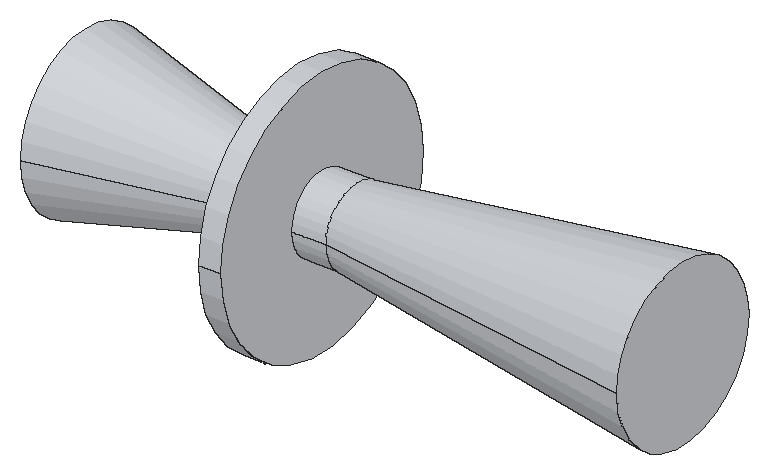
Revit family "M_Medidor de fluxo do tubo de venturi - 150-1200 mm", category Acessórios do tubo, Revit 2019
Family settings
  Cota do conector redondo = Usar raio
  Tipo de parte = Quebra em
  Número OmniClass = 23.60.10.17
  Título OmniClass = Flow Meters
  ID de item do Seek = Venturi Flow Meter - 150-1200 mm-0000-CAN-ENU
  Com base no plano de trabalho = Não
  Sempre na vertical = Sim
  Corte com vazios quando carregada = Não
  Compartilhado = Não
Parameters (values of type "150 mm")
  Raio do caveto = Diâmetro do caveto / 2  # 34 mm
  Diâmetro do caveto = 68 mm
  Raio da placa = Diâmetro da placa / 2  # 111 mm
  Diâmetro da placa = 222 mm
  Comprimento total = 526 mm
  Raio externo = Diâmetro externo / 2  # 72.5 mm
  Diâmetro externo = 145 mm
  Raio nominal = 75 mm
  Diâmetro nominal = 2 * Raio nominal  # 150 mm
  Comprimento 3 = 81 mm
  Comprimento 2 = 318 mm
  Comprimento 1 = 188 mm
  Altura do meio símbolo = Comprimento de metade do total * tan(30.00°)  # 151.843 mm
  Comprimento de metade do total = Comprimento total / 2  # 263 mm
  Raio da metade do externo = Raio externo / 2  # 36.25 mm
  Material de medição do fluxo = none
Types (14, lengths in mm): name | Raio do caveto | Diâmetro do caveto | Raio da placa | Diâmetro da placa | Comprimento total | Raio externo | Diâmetro externo | Raio nominal | Diâmetro nominal | Comprimento 3 | Comprimento 2 | Comprimento 1 | Altura do meio símbolo | Comprimento de metade do total | Raio da metade do externo
  (no name) | 34 | 68 | 111 | 222 | 526 | 72.5 | 145 | 75 | 150 | 81 | 318 | 188 | 151.843 | 263 | 36.25
  150 mm | 34 | 68 | 111 | 222 | 526 | 72.5 | 145 | 75 | 150 | 81 | 318 | 188 | 151.843 | 263 | 36.25
  200 mm | 45.5 | 91 | 139.5 | 279 | 709 | 96.5 | 193 | 100 | 200 | 81 | 427 | 262 | 204.671 | 354.5 | 48.25
  250 mm | 60 | 120 | 170 | 340 | 866 | 120.5 | 241 | 125 | 250 | 92 | 526 | 318 | 249.993 | 433 | 60.25
  300 mm | 73 | 146 | 205 | 410 | 1039 | 144.75 | 289.5 | 150 | 300 | 81 | 632 | 386 | 299.933 | 519.5 | 72.375
  350 mm | 79.5 | 159 | 225.5 | 451 | 1260 | 169 | 338 | 175 | 350 | 91 | 752 | 485 | 363.731 | 630 | 84.5
  400 mm | 91.5 | 183 | 257 | 514 | 1440 | 193 | 386 | 200 | 400 | 92 | 861 | 556 | 415.692 | 720 | 96.5
  450 mm | 110 | 220 | 274.5 | 549 | 1572 | 217 | 434 | 225 | 450 | 91 | 953 | 597 | 453.797 | 786 | 108.5
  500 mm | 128 | 256 | 303.5 | 607 | 1692 | 241.5 | 483 | 250 | 500 | 81 | 1036 | 635 | 488.438 | 846 | 120.75
  600 mm | 146.5 | 293 | 359 | 718 | 2098 | 289.5 | 579 | 300 | 600 | 92 | 1275 | 800 | 605.64 | 1049 | 144.75
  750 mm | 164.5 | 329 | 441.5 | 883 | 2746 | 362 | 724 | 375 | 750 | 132 | 1626 | 1087 | 792.702 | 1373 | 181
  900 mm | 216.5 | 433 | 524 | 1048 | 3170 | 434.5 | 869 | 450 | 900 | 122 | 1923 | 1217 | 915.1 | 1585 | 217.25
  1050 mm | 238 | 476 | 609.5 | 1219 | 3802 | 506.5 | 1013 | 525 | 1050 | 152 | 2273 | 1491 | 1097.543 | 1901 | 253.25
  1200 mm | 274.5 | 549 | 692 | 1384 | 4331 | 579 | 1158 | 600 | 1200 | 152 | 2598 | 1694 | 1250.252 | 2165.5 | 289.5
Reference planes
  plane 1 "Centro (Frente/Trás)": y = 0
  plane 2: z = 0
  plane 3 "Centro (Esquerda/Direita)": x = 0
  plane 4: x = -40.5
  plane 5: x = 40.5
  plane 6: x = -10
  plane 7: x = 10
  plane 8: x = -198
  plane 9: x = 328
  plane 10: x = 65
  plane 11: y = 151.843
  plane 12: y = -151.843
  plane 13: y = 224.343
  plane 14: y = 296.843
  plane 15: through (64.74, 296.584, 1219.2) normal (-0.7071, 0.7071, 0)
Forms (mm)
  Extrusion 1, solid, material <- "Material de medição do fluxo", detail levels fine
    sketch origin (0, 0, 0) x (0, 1, 0) y (0, 0, 1)
      loop
        circle (0, 0) r 111
    from -10 to 10
  Extrusion 2, solid, material <- "Material de medição do fluxo", detail levels fine
    sketch origin (0, 0, 0) x (0, 1, 0) y (0, 0, 1)
      loop
        circle (0, 0) r 34
    from -40.5 to -10
  Extrusion 3, solid, material <- "Material de medição do fluxo", detail levels fine
    sketch origin (0, 0, 0) x (0, 1, 0) y (0, 0, 1)
      loop
        circle (0, 0) r 34
    from 10 to 40.5
  Blend 4, solid, material <- "Material de medição do fluxo", detail levels fine
    base sketch origin (0, 0, 0) x (0, 1, 0) y (0, 0, 1)
      loop
        circle (0, 0) r 34
    top sketch origin (0, 0, 0) x (0, 1, 0) y (0, 0, 1)
      loop
        circle (0, 0) r 72.5
    from -40.5 to -198
  Blend 5, solid, material <- "Material de medição do fluxo", detail levels fine
    base sketch origin (0, 0, 0) x (0, 1, 0) y (0, 0, 1)
      loop
        circle (0, 0) r 34
    top sketch origin (0, 0, 0) x (0, 1, 0) y (0, 0, 1)
      loop
        circle (0, 0) r 72.5
    from 40.5 to 328
  Extrusion 6, solid, material <- "Material de medição do fluxo", detail levels fine
    sketch origin (0, 0, 0) x (0, 1, 0) y (0, 0, 1)
      loop
        circle (0, 0) r 6.35
    from -198 to -40.5
  Extrusion 7, solid, material <- "Material de medição do fluxo", detail levels fine
    sketch origin (0, 0, 0) x (0, 1, 0) y (0, 0, 1)
      loop
        circle (0, 0) r 6.35
    from 40.5 to 328
Cuts and joins
  joined: Extrusion 1, Extrusion 2, Extrusion 3, Blend 4, Blend 5, Extrusion 6, Extrusion 7
Lines and regions (mm)
  model lines, detail levels coarse+medium
    curve 1: line (328, 151.843, 0) -> (-198, -151.843, 0)
    curve 2: line (-198, 151.843, 0) -> (328, -151.843, 0)
    curve 3: line (-198, 151.843, 0) -> (-198, -151.843, 0)
    curve 4: line (328, 151.843, 0) -> (328, -151.843, 0)
    curve 5: line (65, 224.343, 0) -> (65, 0, 0)
    curve 6: circle (65, 296.843, 0) r 72.5 normal (0, 0, 1)
    curve 7: line (13.735, 245.578, 0) -> (116.265, 348.108, 0)
    curve 8: line (116.265, 348.108, 0) -> (109.97, 312.409, 0)
    curve 9: line (116.265, 348.108, 0) -> (80.566, 341.814, 0)
Dimensions and locks
  equal spacing: plane 4, plane 3 "Centro (Esquerda/Direita)", plane 5
  "Comprimento 3": plane 4 to plane 5
  "Comprimento 1": plane 8 to plane 6
  "Comprimento 2": plane 7 to plane 9
  "Comprimento total": plane 8 to plane 9
  equal spacing: plane 6, plane 3 "Centro (Esquerda/Direita)", plane 7
  equal spacing: plane 8, plane 10, plane 9
  "Altura do meio símbolo": plane 11 to plane 1 "Centro (Frente/Trás)"
  "Altura do meio símbolo": plane 1 "Centro (Frente/Trás)" to plane 12
  "Raio externo": plane 13 to plane 11
  "Raio externo": plane 14 to plane 13
  "Raio da metade do externo": curve 8 to curve 8
  "Raio da metade do externo": curve 9 to curve 9
  "Raio da placa": radius of Extrusion 1 sketch curve
  "Raio do caveto": radius of Extrusion 2 sketch curve
  "Raio do caveto": radius of Extrusion 3 sketch curve
  "Raio do caveto": radius of Blend 4 sketch curve
  "Raio externo": radius of Blend 4 sketch curve
  "Raio do caveto": radius of Blend 5 sketch curve
  "Raio externo": radius of Blend 5 sketch curve
  radius of Extrusion 6 sketch curve = 6.35 mm
  radius of Extrusion 7 sketch curve = 6.35 mm
  "Raio externo": radius of curve 6
  locked: plane 14 to plane 15 (angle 45.00°)
  locked: curve 8 to plane 15 (angle 145.00°)
  locked: plane 15 to curve 9 (angle 145.00°)
  aligned and locked: plane 2 to Extrusion 1 sketch curve
  aligned and locked: plane 1 "Centro (Frente/Trás)" to Extrusion 1 sketch curve
  aligned and locked: Extrusion 1 to plane 6
  aligned and locked: plane 7 to Extrusion 1
  aligned and locked: plane 2 to Extrusion 2 sketch curve
  aligned and locked: plane 1 "Centro (Frente/Trás)" to Extrusion 2 sketch curve
  aligned and locked: Extrusion 2 to plane 4
  aligned and locked: plane 6 to Extrusion 2
  aligned and locked: plane 2 to Extrusion 3 sketch curve
  aligned and locked: plane 1 "Centro (Frente/Trás)" to Extrusion 3 sketch curve
  aligned and locked: Extrusion 3 to plane 7
  aligned and locked: plane 5 to Extrusion 3
  aligned and locked: plane 2 to Blend 4 sketch curve
  aligned and locked: plane 1 "Centro (Frente/Trás)" to Blend 4 sketch curve
  aligned and locked: Blend 4 to plane 4
  aligned and locked: Blend 4 to plane 8
  aligned and locked: plane 2 to Blend 5 sketch curve  (x2)
  aligned and locked: plane 1 "Centro (Frente/Trás)" to Blend 5 sketch curve  (x2)
  aligned and locked: Blend 5 to plane 5
  aligned and locked: plane 9 to Blend 5
  aligned and locked: plane 2 to Extrusion 6 sketch curve
  aligned and locked: plane 1 "Centro (Frente/Trás)" to Extrusion 6 sketch curve
  aligned and locked: Extrusion 6 to plane 8
  aligned and locked: plane 4 to Extrusion 6
  aligned and locked: plane 2 to Extrusion 7 sketch curve
  aligned and locked: plane 1 "Centro (Frente/Trás)" to Extrusion 7 sketch curve
  aligned and locked: Extrusion 7 to plane 5
  aligned and locked: plane 9 to Extrusion 7
  aligned and locked: plane 11 to curve 1
  aligned and locked: plane 8 to curve 1
  aligned and locked: plane 9 to curve 2
  aligned and locked: plane 11 to curve 2
  aligned and locked: plane 12 to curve 4
  aligned and locked: curve 4 to plane 9
  aligned and locked: plane 12 to curve 3
  aligned and locked: curve 3 to plane 8
  aligned and locked: plane 1 "Centro (Frente/Trás)" to curve 5
  aligned and locked: curve 5 to plane 10
  aligned and locked: plane 14 to curve 6
  aligned and locked: plane 10 to curve 6
  aligned and locked: curve 7 to plane 15
Automatic sketch dimensions
  Blend 4 sketch curve to level = 0 mm
  Blend 4 sketch curve to plane 1 "Centro (Frente/Trás)" = 0 mm
  curve 9 to plane 15 = 0 mm
Connectors
  piping at (-198, 0, 0), diameter 150, driven by "Raio nominal"
    settings: on Extrusion 6, index 1, connector inside diameter 150 mm, connector length 0 mm, flow factor 0, pipe flow 0.0 L/s, pressure drop 0.0 Pa, fitting loss kfactor 0, connector angle 0.00°, fixture units 0, engagement length 0 mm, angle of deflection 0.00°, flow configuration 0, flow direction 1, fitting loss method 4, system type 29, joint type 0, gender type 0, connector reference index 2, connector utility 0, adjustable connector no, is connector primary yes, connector description "In"
  piping at (328, 0, 0), diameter 150, driven by "Raio nominal"
    settings: on Extrusion 7, index 2, connector inside diameter 150 mm, connector length 0 mm, flow factor 0, pipe flow 0.0 L/s, pressure drop 0.0 Pa, fitting loss kfactor 0, connector angle 0.00°, fixture units 0, engagement length 0 mm, angle of deflection 0.00°, flow configuration 0, flow direction 2, fitting loss method 4, system type 29, joint type 0, gender type 0, connector reference index 1, connector utility 0, adjustable connector no, is connector primary no, connector description "Saída"
